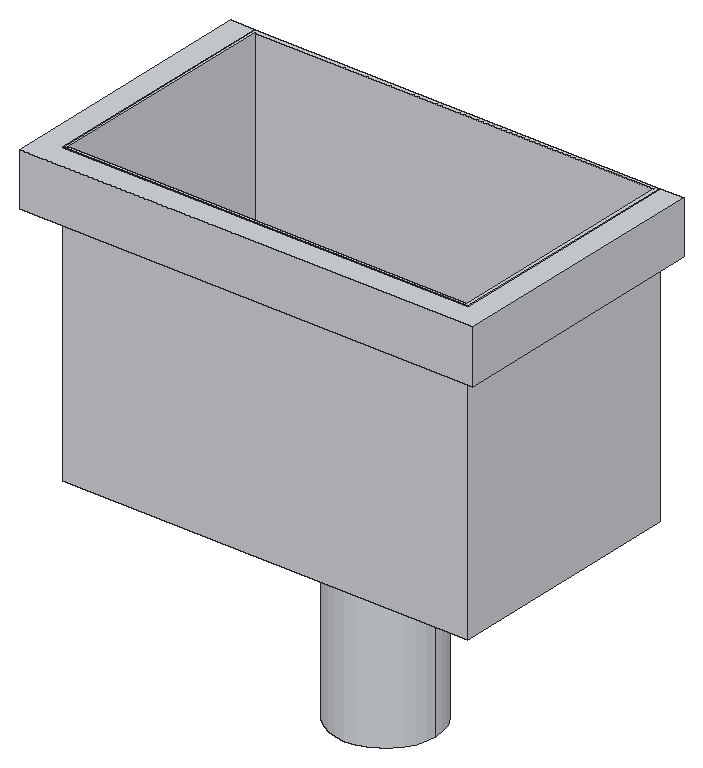
Revit family "Flat bottom Rainhead", category Generic Models, Revit 2019
Family settings
  Can host rebar = No
  Round Connector Dimension = Use Diameter
  Part Type = Normal
  Work Plane-Based = No
  Always vertical = Yes
  Cut with Voids When Loaded = No
  Shared = No
  Room Calculation Point = No
Reference planes
  plane 1 "Center (Front/Back)": y = 0
  plane 2: z = 0
  plane 3 "Center (Left/Right)": x = 0
Forms (mm)
  Extrusion 1, solid
    sketch origin (74.949, 134.452, 0) x (1, 0, 0) y (0, 1, 0)
      loop
        line (-264.949, -21.952) -> (-264.949, -246.952) -> (115.051, -246.952) -> (115.051, -21.952) -> (-264.949, -21.952)
      loop
        circle (-72.449, -109.452) r 47.5
    from 0 to 280
  Extrusion 2, void
    sketch origin (0, 0, 0) x (1, 0, 0) y (0, 1, 0)
      loop
        line (-187, 109.5) -> (-187, -109.5) -> (187, -109.5) -> (187, 109.5) -> (-187, 109.5)
      loop
        circle (2.5, 25) r 47.5
    from 3 to 281
  Extrusion 3, solid
    sketch origin (0, 0, 0) x (1, 0, 0) y (0, 1, 0)
      loop
        line (-190, 112.5) -> (-212, 112.5) -> (-212, -134.5) -> (212, -134.5) -> (212, 112.5) -> (190, 112.5) -> (190, -112.5) -> (-190, -112.5) -> (-190, 112.5)
    from 230 to 280
  Extrusion 4, solid
    sketch origin (0, 0, 0) x (1, 0, 0) y (0, 1, 0)
      loop
        circle (2.5, 25) r 47.5
      loop
        circle (2.5, 25) r 46.5
    from 0 to -190.642
Cuts and joins
  Extrusion 2 cuts Extrusion 1
Lines and regions (mm)
  symbolic lines
    curve 1: line (-212, 127.5, 0) -> (-212, 177.5, 0)
    curve 2: line (212, 127.5, 0) -> (212, 177.5, 0)
    curve 3: line (-212, 152.5, 0) -> (212, 152.5, 0)
    curve 4: line (194.574, 135.074, 0) -> (237, 177.5, 0)
    curve 5: line (-237, 127.5, 0) -> (-187, 177.5, 0)
    curve 6: line (218.794, 112.506, 0) -> (268.794, 112.506, 0)
    curve 7: line (218.794, -133.994, 0) -> (268.794, -133.994, 0)
    curve 8: line (243.794, 112.506, 0) -> (243.794, -133.994, 0)
    curve 9: line (226.368, -116.568, 0) -> (268.794, -158.994, 0)
    curve 10: line (218.794, 137.506, 0) -> (268.794, 87.506, 0)
  model lines
    curve 11: line (50, 0, -190.642) -> (50, 0, -187.234)
    curve 12: line (-45, 0, -190.642) -> (-45, 0, -187.234)
    curve 13: line (0, 72.5, -186.064) -> (0, 72.5, -189.637)
    curve 14: line (0, -22.5, -186.064) -> (0, -22.5, -189.637)
Text (mm)
  text "VARIABLE" at (-61.813, 195.625, 0), in view "Ref. Level"
  text "VARIABLE" at (266.862, -72.263, 0), in view "Ref. Level"
  text "VARIABLE" at (68.908, 0, 359.896), in view "Back"
  text "VARIABLE" at (-292.95, 0, 53.519), in view "Back"
  text "VARIABLE" at (-292.95, 0, -166.481), in view "Back"
  text "VARIABLE" at (-66.502, 0, 359.801), in view "Front"
  text "VARIABLE" at (295.356, 0, 53.424), in view "Front"
  text "VARIABLE" at (295.356, 0, -166.576), in view "Front"
  text "VARIABLE" at (0, 67.407, 360.204), in view "Left"
  text "VARIABLE" at (0, -159.45, 53.826), in view "Left"
  text "VARIABLE" at (0, -159.45, -166.174), in view "Left"
  text "VARIABLE" at (0, -66.891, 360.376), in view "Right"
  text "VARIABLE" at (0, 159.967, 53.999), in view "Right"
  text "VARIABLE" at (0, 159.967, -166.001), in view "Right"
Dimensions and locks
  curve 12 to curve 11 = 95 mm
  curve 13 to curve 14 = 95 mm
  diameter of cut or joined group of Extrusion 1, Extrusion 2 = 95 mm
  aligned and locked: level to plane 2
